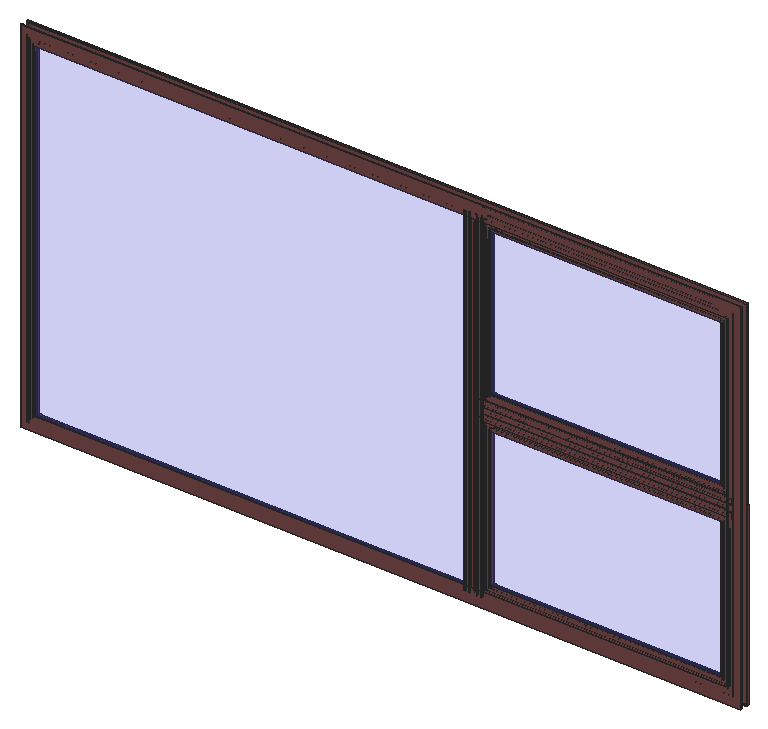
Revit family "PTT, 1812,2112,2412", category Windows, host Wall, Revit 2016
Family settings
  Host = Wall
  OmniClass Number = 23.30.20.00
  OmniClass Title = Windows
  Always vertical = Yes
  Cut with Voids When Loaded = No
  Shared = No
  Room Calculation Point = No
Parameters (values of type "PTT Type- 2412")
  URL = "http://www.robmeg.co.za/"
  Top mullion = 600 mm
  Top hung = yes
  Rough Height = 1219.2 mm
  Plaster = 5 mm
  Model = "PTT 2412"
  Manufacturer = "Robmeg"  # constant formula
  Height = 1210 mm
  Glazing = Glass
  Description = "Anodized Aluminium"
  Default Sill Height = 914.4 mm
  Wall Closure = By host
  Width = 2410 mm
  Centre vert mullion = 910 mm
  Centre fixed glass width = 6 mm
  Bottom fixed glass width = 6 mm
  Author = "Inside"
  Aluminium anodized = Aluminium
Types (4, lengths in mm): name | Model | Width
  (no name) | "PTT 2412" | 2410
  PTT Type- 1812 | "PTT 1812" | 1810
  PTT Type- 2112 | "PTT 2112" | 2110
  PTT Type- 2412 | "PTT 2412" | 2410
Reference planes
  plane 1 "Center (Front/Back)": y = 0
  plane 2: z = 0
  plane 3 "Center (Left/Right)": x = 0
  plane 4 "Left": x = -1205
  plane 5 "Right": x = 1205
  plane 6 "Sill": z = 914.4
  plane 7 "Top": z = 2124.4
  plane 8: x = -1200
  plane 9: z = 2119.4
  plane 10: z = 919.4
  plane 11: x = 1200
  plane 12 "Glass start": y = 1
  plane 13 "Glass end": y = -3
  plane 14: x = 747.5
  plane 15: x = 290
  plane 16: z = 1524.4
Forms (mm)
  Sweep 1, solid, material "Aluminium" <- "Aluminium anodized"
    path origin (0, 0, 0) x (1, 0, 0) y (0, 0, 1)
      loop
        line (1200, 2119.4) -> (-1200, 2119.4) -> (-1200, 919.4) -> (1200, 919.4) -> (1200, 2119.4)
    profile "51741 : 51741" origin (0, 0, 2119.4) x (0, 0, -1) y (0, -1, 0)
      loop
        line (26.815, -14.05) -> (20.535, -14.05) -> (20.535, -10.19) -> (21.815, -10.19) -> (21.815, -7.3) -> (19.535, -7.3) -> (19.535, -14.05) -> (1.135, -14.05) -> (1.135, -10.95)
        arc (1.135, -10.95) -> (0.286, -11.301) -> (-0.065, -12.15) r 1.2
        line (-0.065, -12.15) -> (-0.065, -15.25) -> (30.515, -15.25) -> (30.515, -12.384) -> (28.015, -13.827) -> (28.015, 14.05) -> (29.515, 14.05) -> (29.515, 11.75)
        arc (29.515, 11.75) -> (30.015, 11.25) -> (30.515, 11.75) r 0.5
        line (30.515, 11.75) -> (30.515, 14.05) -> (39.515, 14.05) -> (39.515, 11.65) -> (41.896, 11.65) -> (41.896, 12.85) -> (40.715, 12.85) -> (40.715, 14.05) -> (46.215, 14.05) -> (46.215, 12.85) -> (45.215, 12.85) -> (45.215, 11.65) -> (47.415, 11.65) -> (47.415, 15.25) -> (-0.065, 15.25) -> (-0.065, 12.15)
        arc (-0.065, 12.15) -> (0.334, 11.455) -> (1.135, 11.45) r 0.804
        line (1.135, 11.45) -> (1.135, 14.05) -> (19.535, 14.05) -> (19.535, 7.3) -> (21.815, 7.3) -> (21.815, 10.19) -> (20.535, 10.19) -> (20.535, 14.05) -> (26.815, 14.05) -> (26.815, -14.05)
  Sweep 2, solid, material "Aluminium" <- "Aluminium anodized"
    path origin (0, 0, 0) x (1, 0, 0) y (0, 0, 1)
      loop
        line (1200, 1524.4) -> (290, 1524.4) -> (290, 919.335) -> (1200, 919.335) -> (1200, 1524.4)
    profile "H10197 : H10197" origin (745, 0, 1524.4) x (0, 0, -1) y (0, -1, 0)
      loop
        line (43.095, 8.408) -> (43.095, -19.692) -> (49.375, -19.692) -> (49.375, -14.812)
        arc (49.375, -14.812) -> (48.125, -13.562) -> (49.375, -12.312) r 1.25
        line (49.375, -12.312) -> (49.375, 1.008)
        arc (49.375, 1.008) -> (48.125, 2.258) -> (49.375, 3.508) r 1.25
        line (49.375, 3.508) -> (49.375, 8.408) -> (43.095, 8.408)
      loop
        line (41.895, 8.128) -> (41.895, -5.218) -> (41.895, -19.692) -> (40.495, -19.692) -> (40.495, -17.512)
        arc (40.495, -17.512) -> (39.995, -17.012) -> (39.495, -17.512) r 0.5
        line (39.495, -17.512) -> (39.495, -19.692) -> (30.495, -19.692) -> (30.495, -17.492) -> (28.345, -17.492)
        arc (28.345, -17.492) -> (27.845, -17.992) -> (28.345, -18.492) r 0.5
        line (28.345, -18.492) -> (29.295, -18.492) -> (29.295, -19.692) -> (23.795, -19.692) -> (23.795, -18.378) -> (24.706, -18.378)
        arc (24.706, -18.378) -> (25.206, -17.878) -> (24.706, -17.378) r 0.5
        line (24.706, -17.378) -> (23.784, -17.378)
        arc (23.784, -17.378) -> (23.137, -16.895) -> (22.595, -17.493) r 0.6
        line (22.595, -17.493) -> (22.595, -20.892) -> (53.175, -20.892) -> (53.175, -18.892)
        arc (53.175, -18.892) -> (51.875, -18.322) -> (50.575, -18.892) r 1.767
        line (50.575, -18.892) -> (50.575, -6.066) -> (50.575, 7.908)
        arc (50.575, 7.908) -> (51.375, 8.708) -> (52.175, 7.908) r 0.8
        line (52.175, 7.908) -> (52.175, 6.228)
        arc (52.175, 6.228) -> (52.675, 5.728) -> (53.175, 6.228) r 0.5
        line (53.175, 6.228) -> (53.175, 8.408) -> (62.175, 8.408) -> (62.175, 6.208) -> (64.325, 6.208)
        arc (64.325, 6.208) -> (64.825, 6.708) -> (64.325, 7.208) r 0.5
        line (64.325, 7.208) -> (63.375, 7.208) -> (63.375, 8.408) -> (68.875, 8.408) -> (68.875, 7.208) -> (67.925, 7.208)
        arc (67.925, 7.208) -> (67.425, 6.708) -> (67.925, 6.208) r 0.5
        line (67.925, 6.208) -> (68.875, 6.208)
        arc (68.875, 6.208) -> (69.474, 5.608) -> (70.075, 6.207) r 0.6
        line (70.075, 6.207) -> (70.075, 9.608) -> (39.495, 9.608) -> (39.495, 6.742) -> (41.895, 8.128)
  Sweep 3, solid, material "Aluminium" <- "Aluminium anodized"
    path origin (0, 0, 0) x (1, 0, 0) y (0, 0, 1)
      loop
        line (290, 1524.4) -> (290, 919.335) -> (1200, 919.335) -> (1200, 1524.4) -> (290, 1524.4)
    profile "glazing gasket : glazing gasket" origin (290, 0, 1221.867) x (1, 0, 0) y (0, -1, 0)
      loop
        line (53.254, -17.23) -> (53.254, -20.244) -> (69.855, -5.509)
        arc (69.855, -5.509) -> (69.76, -4.756) -> (69.092, -5.117) r 0.46
        line (69.092, -5.117) -> (67.564, -6.473) -> (66.198, -4.108) -> (65.274, -4.108) -> (66.736, -6.639) -> (61.74, -6.639) -> (63.22, -4.077) -> (51.988, -4.077) -> (51.988, 8.186) -> (51.188, 8.186) -> (51.188, -4.877) -> (61.834, -4.877) -> (60.355, -7.439) -> (66.475, -7.439) -> (54.054, -18.464) -> (54.054, -15.845) -> (50.954, -17.634) -> (50.954, -18.558) -> (53.254, -17.23)
  Extrusion 4, solid, material "Glass" <- "Glazing"
    sketch origin (0, 0, 914.4) x (0, -1, 0) y (1, 0, 0)
      loop
        line (-1, 344.054) -> (3, 344.054) -> (3, 1145.946) -> (-1, 1145.946) -> (-1, 344.054)
    from 58.988 to 555.946
  Sweep 5, solid, material "Aluminium" <- "Aluminium anodized"
    path origin (0, 0, 0) x (1, 0, 0) y (0, 0, 1)
      loop
        line (290, 949.915) -> (290, 2088.885)
    profile "H10196 : H10196" origin (290, 0, 1519.4) x (-1, 0, 0) y (0, -1, 0)
      loop
        line (-26.642, -14.247) -> (-6.442, -14.247) -> (-6.442, -4.217)
        arc (-6.442, -4.217) -> (-6.571, -3.479) -> (-7.319, -3.432) r 0.606
        arc (-7.319, -3.432) -> (-9.371, -3.891) -> (-11.294, -3.04) r 3.36
        arc (-11.294, -3.04) -> (-11.351, -1.925) -> (-10.235, -1.868) r 0.79
        arc (-10.235, -1.868) -> (-7.262, -0.547) -> (-10.235, 0.774) r 1.78
        arc (-10.235, 0.774) -> (-11.351, 0.83) -> (-11.294, 1.946) r 0.79
        arc (-11.294, 1.946) -> (-9.49, 2.783) -> (-7.529, 2.453) r 3.36
        arc (-7.529, 2.453) -> (-6.798, 2.484) -> (-6.442, 3.123) r 0.75
        line (-6.442, 3.123) -> (-6.442, 9.653) -> (-26.642, 9.653) -> (-26.642, 3.123)
        arc (-26.642, 3.123) -> (-26.285, 2.484) -> (-25.554, 2.453) r 0.75
        arc (-25.554, 2.453) -> (-23.593, 2.783) -> (-21.789, 1.946) r 3.36
        arc (-21.789, 1.946) -> (-21.733, 0.83) -> (-22.848, 0.774) r 0.79
        arc (-22.848, 0.774) -> (-25.822, -0.547) -> (-22.848, -1.868) r 1.78
        arc (-22.848, -1.868) -> (-21.733, -1.925) -> (-21.789, -3.04) r 0.79
        arc (-21.789, -3.04) -> (-23.593, -3.877) -> (-25.554, -3.548) r 3.36
        arc (-25.554, -3.548) -> (-26.285, -3.579) -> (-26.642, -4.217) r 0.75
        line (-26.642, -4.217) -> (-26.642, -14.247)
      loop
        line (-30.542, -15.547) -> (-2.542, -15.547) -> (-2.542, -12.681) -> (-5.142, -14.182) -> (-5.142, -2.597) -> (-5.942, -1.797) -> (-5.942, 0.903) -> (-5.142, 1.503) -> (-5.142, 13.153)
        arc (-5.142, 13.153) -> (-4.342, 13.653) -> (-3.542, 13.153) r 0.89
        line (-3.542, 13.153) -> (-3.542, 11.653)
        arc (-3.542, 11.653) -> (-3.042, 11.153) -> (-2.542, 11.653) r 0.5
        line (-2.542, 11.653) -> (-2.542, 13.653) -> (6.258, 13.653) -> (6.258, 11.604) -> (8.477, 11.604)
        arc (8.477, 11.604) -> (8.933, 12.012) -> (8.508, 12.453) r 0.425
        line (8.508, 12.453) -> (7.558, 12.453) -> (7.558, 13.653) -> (13.058, 13.653) -> (13.058, 12.453) -> (12.108, 12.453)
        arc (12.108, 12.453) -> (11.683, 12.028) -> (12.108, 11.603) r 0.425
        line (12.108, 11.603) -> (13.058, 11.603)
        arc (13.058, 11.603) -> (13.708, 10.953) -> (14.358, 11.603) r 0.65
        line (14.358, 11.603) -> (14.358, 14.953) -> (-6.442, 14.953) -> (-6.442, 10.953) -> (-26.642, 10.953) -> (-26.642, 14.953) -> (-47.442, 14.953) -> (-47.442, 11.603)
        arc (-47.442, 11.603) -> (-46.792, 10.953) -> (-46.142, 11.603) r 0.65
        line (-46.142, 11.603) -> (-45.192, 11.603)
        arc (-45.192, 11.603) -> (-44.767, 12.028) -> (-45.192, 12.453) r 0.425
        line (-45.192, 12.453) -> (-46.142, 12.453) -> (-46.142, 13.653) -> (-40.642, 13.653) -> (-40.642, 12.453) -> (-41.592, 12.453)
        arc (-41.592, 12.453) -> (-42.016, 12.012) -> (-41.56, 11.604) r 0.425
        line (-41.56, 11.604) -> (-39.342, 11.604) -> (-39.342, 13.653) -> (-30.542, 13.653) -> (-30.542, 11.653)
        arc (-30.542, 11.653) -> (-30.042, 11.153) -> (-29.542, 11.653) r 0.5
        line (-29.542, 11.653) -> (-29.542, 13.153)
        arc (-29.542, 13.153) -> (-28.742, 13.653) -> (-27.942, 13.153) r 0.89
        line (-27.942, 13.153) -> (-27.942, 1.503) -> (-27.142, 0.903) -> (-27.142, -1.997) -> (-27.942, -2.597) -> (-27.942, -14.182) -> (-30.542, -12.681) -> (-30.542, -15.547)
  Extrusion 6, solid, material "Glass" <- "Glazing"
    sketch origin (-540.855, -3, 1219.2) x (-1, 0, 0) y (0, 0, 1)
      loop
        line (-830.855, 868.528) -> (-830.855, -268.128) -> (627.473, -268.128) -> (627.473, 868.528) -> (-830.855, 868.528)
    from 0 to -6
  Sweep 7, solid, material "Aluminium" <- "Aluminium anodized"
    path origin (0, 0, 0) x (1, 0, 0) y (0, 0, 1)
      loop
        line (-1160.485, 2079.885) -> (-1160.485, 958.915) -> (283.742, 958.915) -> (283.742, 2079.885) -> (-1160.485, 2079.885)
    profile "glazing gasket : glazing gasket" origin (-1160.485, 0, 1519.4) x (1, 0, 0) y (0, -1, 0)
      loop
        line (-8.643, -12.444) -> (-8.643, -15.457) -> (7.958, -0.723)
        arc (7.958, -0.723) -> (7.863, 0.031) -> (7.195, -0.33) r 0.46
        line (7.195, -0.33) -> (5.667, -1.687) -> (4.302, 0.679) -> (3.378, 0.679) -> (4.839, -1.853) -> (-0.156, -1.853) -> (1.323, 0.71) -> (-9.908, 0.71) -> (-9.908, 12.973) -> (-10.708, 12.973) -> (-10.708, -0.09) -> (-0.062, -0.09) -> (-1.542, -2.653) -> (4.579, -2.653) -> (-7.843, -13.678) -> (-7.843, -11.058) -> (-10.943, -12.848) -> (-10.943, -13.771) -> (-8.643, -12.444)
  Sweep 8, solid, material "Aluminium" <- "Aluminium anodized"
    path origin (0, 0, 0) x (1, 0, 0) y (0, 0, 1)
      loop
        line (1169.485, 1524.4) -> (320.542, 1524.4)
    profile "H10196 : H10196" origin (745.013, 0, 1524.4) x (0, 0, -1) y (0, -1, 0)
      loop
        line (6.668, -15.228) -> (26.868, -15.228) -> (26.868, -5.198)
        arc (26.868, -5.198) -> (26.738, -4.46) -> (25.99, -4.413) r 0.606
        arc (25.99, -4.413) -> (23.938, -4.872) -> (22.015, -4.021) r 3.36
        arc (22.015, -4.021) -> (21.959, -2.905) -> (23.074, -2.849) r 0.79
        arc (23.074, -2.849) -> (26.048, -1.528) -> (23.074, -0.207) r 1.78
        arc (23.074, -0.207) -> (21.959, -0.151) -> (22.015, 0.965) r 0.79
        arc (22.015, 0.965) -> (23.819, 1.802) -> (25.78, 1.472) r 3.36
        arc (25.78, 1.472) -> (26.511, 1.504) -> (26.868, 2.142) r 0.75
        line (26.868, 2.142) -> (26.868, 8.672) -> (6.668, 8.672) -> (6.668, 2.142)
        arc (6.668, 2.142) -> (7.024, 1.504) -> (7.755, 1.472) r 0.75
        arc (7.755, 1.472) -> (9.716, 1.802) -> (11.52, 0.965) r 3.36
        arc (11.52, 0.965) -> (11.577, -0.151) -> (10.461, -0.207) r 0.79
        arc (10.461, -0.207) -> (7.488, -1.528) -> (10.461, -2.849) r 1.78
        arc (10.461, -2.849) -> (11.577, -2.905) -> (11.52, -4.021) r 0.79
        arc (11.52, -4.021) -> (9.716, -4.858) -> (7.755, -4.528) r 3.36
        arc (7.755, -4.528) -> (7.024, -4.559) -> (6.668, -5.198) r 0.75
        line (6.668, -5.198) -> (6.668, -15.228)
      loop
        line (2.768, -16.528) -> (30.768, -16.528) -> (30.768, -13.662) -> (28.168, -15.163) -> (28.168, -3.578) -> (27.368, -2.778) -> (27.368, -0.078) -> (28.168, 0.522) -> (28.168, 12.172)
        arc (28.168, 12.172) -> (28.968, 12.672) -> (29.768, 12.172) r 0.89
        line (29.768, 12.172) -> (29.768, 10.672)
        arc (29.768, 10.672) -> (30.268, 10.172) -> (30.768, 10.672) r 0.5
        line (30.768, 10.672) -> (30.768, 12.672) -> (39.568, 12.672) -> (39.568, 10.623) -> (41.786, 10.623)
        arc (41.786, 10.623) -> (42.242, 11.031) -> (41.818, 11.472) r 0.425
        line (41.818, 11.472) -> (40.868, 11.472) -> (40.868, 12.672) -> (46.368, 12.672) -> (46.368, 11.472) -> (45.418, 11.472)
        arc (45.418, 11.472) -> (44.993, 11.047) -> (45.418, 10.622) r 0.425
        line (45.418, 10.622) -> (46.368, 10.622)
        arc (46.368, 10.622) -> (47.018, 9.972) -> (47.668, 10.622) r 0.65
        line (47.668, 10.622) -> (47.668, 13.972) -> (26.868, 13.972) -> (26.868, 9.972) -> (6.668, 9.972) -> (6.668, 13.972) -> (-14.132, 13.972) -> (-14.132, 10.622)
        arc (-14.132, 10.622) -> (-13.482, 9.972) -> (-12.832, 10.622) r 0.65
        line (-12.832, 10.622) -> (-11.882, 10.622)
        arc (-11.882, 10.622) -> (-11.457, 11.047) -> (-11.882, 11.472) r 0.425
        line (-11.882, 11.472) -> (-12.832, 11.472) -> (-12.832, 12.672) -> (-7.332, 12.672) -> (-7.332, 11.472) -> (-8.282, 11.472)
        arc (-8.282, 11.472) -> (-8.707, 11.031) -> (-8.251, 10.623) r 0.425
        line (-8.251, 10.623) -> (-6.032, 10.623) -> (-6.032, 12.672) -> (2.768, 12.672) -> (2.768, 10.672)
        arc (2.768, 10.672) -> (3.268, 10.172) -> (3.768, 10.672) r 0.5
        line (3.768, 10.672) -> (3.768, 12.172)
        arc (3.768, 12.172) -> (4.568, 12.672) -> (5.368, 12.172) r 0.89
        line (5.368, 12.172) -> (5.368, 0.522) -> (6.168, -0.078) -> (6.168, -2.978) -> (5.368, -3.578) -> (5.368, -15.163) -> (2.768, -13.662) -> (2.768, -16.528)
  Sweep 9, solid, material "Aluminium" <- "Aluminium anodized"
    path origin (0, 0, 0) x (1, 0, 0) y (0, 0, 1)
      loop
        line (1160.485, 1530.432) -> (1160.485, 2079.885) -> (329.342, 2079.885) -> (329.342, 1530.432) -> (1160.485, 1530.432)
    profile "H10197 : H10197" origin (744.913, 0, 1530.432) x (0, 0, -1) y (0, -1, 0)
      loop
        line (-10.347, -19.548) -> (-4.067, -19.548) -> (-4.067, -14.648)
        arc (-4.067, -14.648) -> (-5.317, -13.398) -> (-4.067, -12.148) r 1.25
        line (-4.067, -12.148) -> (-4.067, 1.172)
        arc (-4.067, 1.172) -> (-5.317, 2.422) -> (-4.067, 3.672) r 1.25
        line (-4.067, 3.672) -> (-4.067, 8.552) -> (-10.347, 8.552) -> (-10.347, -19.548)
      loop
        line (-11.547, -19.268) -> (-13.947, -17.882) -> (-13.947, -20.748) -> (16.633, -20.748) -> (16.633, -17.347)
        arc (16.633, -17.347) -> (16.033, -16.748) -> (15.433, -17.348) r 0.6
        line (15.433, -17.348) -> (14.483, -17.348)
        arc (14.483, -17.348) -> (13.983, -17.848) -> (14.483, -18.348) r 0.5
        line (14.483, -18.348) -> (15.433, -18.348) -> (15.433, -19.548) -> (9.933, -19.548) -> (9.933, -18.348) -> (10.883, -18.348)
        arc (10.883, -18.348) -> (11.383, -17.848) -> (10.883, -17.348) r 0.5
        line (10.883, -17.348) -> (8.733, -17.348) -> (8.733, -19.548) -> (-0.267, -19.548) -> (-0.267, -17.368)
        arc (-0.267, -17.368) -> (-0.767, -16.868) -> (-1.267, -17.368) r 0.5
        line (-1.267, -17.368) -> (-1.267, -19.048)
        arc (-1.267, -19.048) -> (-2.067, -19.848) -> (-2.867, -19.048) r 0.8
        line (-2.867, -19.048) -> (-2.867, -5.074) -> (-2.867, 7.752)
        arc (-2.867, 7.752) -> (-1.567, 7.182) -> (-0.267, 7.752) r 1.767
        line (-0.267, 7.752) -> (-0.267, 9.752) -> (-30.847, 9.752) -> (-30.847, 6.353)
        arc (-30.847, 6.353) -> (-30.305, 5.755) -> (-29.658, 6.238) r 0.6
        line (-29.658, 6.238) -> (-28.736, 6.238)
        arc (-28.736, 6.238) -> (-28.236, 6.738) -> (-28.736, 7.238) r 0.5
        line (-28.736, 7.238) -> (-29.647, 7.238) -> (-29.647, 8.552) -> (-24.147, 8.552) -> (-24.147, 7.352) -> (-25.097, 7.352)
        arc (-25.097, 7.352) -> (-25.597, 6.852) -> (-25.097, 6.352) r 0.5
        line (-25.097, 6.352) -> (-22.947, 6.352) -> (-22.947, 8.552) -> (-13.947, 8.552) -> (-13.947, 6.372)
        arc (-13.947, 6.372) -> (-13.447, 5.872) -> (-12.947, 6.372) r 0.5
        line (-12.947, 6.372) -> (-12.947, 8.552) -> (-11.547, 8.552) -> (-11.547, -5.923) -> (-11.547, -19.268)
  Sweep 10, solid, material "Aluminium" <- "Aluminium anodized"
    path origin (0, 0, 0) x (1, 0, 0) y (0, 0, 1)
      loop
        line (343.289, 2065.938) -> (343.289, 1544.394) -> (1146.524, 1544.394) -> (1146.524, 2065.938) -> (343.289, 2065.938)
    profile "glazing gasket : glazing gasket" origin (744.906, 0, 2065.938) x (0, 0, 1) y (0, -1, 0)
      loop
        line (-0.131, -17.618) -> (2.169, -18.946) -> (2.169, -18.022) -> (-0.931, -16.232) -> (-0.931, -18.852) -> (-13.352, -7.827) -> (-7.232, -7.827) -> (-8.711, -5.264) -> (1.935, -5.264) -> (1.935, 7.798) -> (1.135, 7.798) -> (1.135, -4.464) -> (-10.097, -4.464) -> (-8.617, -7.027) -> (-13.613, -7.027) -> (-12.151, -4.496) -> (-13.075, -4.496) -> (-14.441, -6.861) -> (-15.969, -5.505)
        arc (-15.969, -5.505) -> (-16.637, -5.144) -> (-16.732, -5.897) r 0.46
        line (-16.732, -5.897) -> (-0.131, -20.632) -> (-0.131, -17.618)
  Extrusion 11, solid, material "Glass" <- "Glazing"
    sketch origin (-540.855, 1, 1219.2) x (-1, 0, 0) y (0, 0, 1)
      loop
        line (-885.074, 845.808) -> (-1686.448, 845.808) -> (-1686.448, 326.124) -> (-885.074, 326.124) -> (-885.074, 845.808)
    from 0 to -4
Lines and regions (mm)
  Opening 1
    outline origin (-1524, -76.2, 0) x (1, 0, 0) y (0, 0, 1)
      loop
        line (319, 2124.4) -> (319, 914.4) -> (2729, 914.4) -> (2729, 2124.4) -> (319, 2124.4)
  symbolic lines, style "Elevation Swing", visible <- "Top hung"
    curve 1: line (1177.426, 0, 2096.826) -> (744.913, 0, 1513.799)
    curve 2: line (744.913, 0, 1513.799) -> (312.574, 0, 2096.826)
    curve 3: line (1177.426, 0, 1501.826) -> (745, 0, 941.93)
    curve 4: line (745, 0, 941.93) -> (312.595, 0, 1501.805)
Text (mm)
  text "EXTERIOR" at (-1490.695, 1293.036, 0), in view "Ref. Level"
  text "INTERIOR" at (-1490.695, -959.266, 0), in view "Ref. Level"
  text "Exterior" at (0, 1108.87, 3129.179), in view "Left"
  text "Exterior" at (0, 464.664, 3176.206), in view "Right"
Dimensions and locks
  equal spacing: plane 4 "Left", plane 3 "Center (Left/Right)", plane 5 "Right"
  "Width": plane 4 "Left" to plane 5 "Right"
  "Height": plane 6 "Sill" to plane 7 "Top"
  "Default Sill Height": plane 2 to plane 6 "Sill"
  "Plaster": plane 9 to plane 7 "Top"
  "Plaster": plane 6 "Sill" to plane 10
  "Plaster": plane 11 to plane 5 "Right"
  "Plaster": plane 4 "Left" to plane 8
  "Centre vert mullion": plane 15 to plane 11
  equal spacing: plane 15, plane 14, plane 5 "Right"
  "Centre fixed glass width": Extrusion 6 to Extrusion 6
  "Top mullion": plane 16 to plane 7 "Top"
  aligned and locked: plane 7 "Top" to Opening 1 sketch curve
  aligned and locked: plane 6 "Sill" to Opening 1 sketch curve  (x2)
  aligned and locked: plane 5 "Right" to Opening 1 sketch curve
  aligned and locked: plane 4 "Left" to Opening 1 sketch curve
  aligned and locked: level to plane 2
  aligned and locked: Sweep 1 sketch curve to plane 9
  aligned and locked: plane 11 to Sweep 1 sketch curve
  aligned and locked: Sweep 1 sketch curve to plane 10
  aligned and locked: plane 8 to Sweep 1 sketch curve
  aligned and locked: plane 11 to Sweep 2 sketch curve
  aligned and locked: plane 11 to Sweep 3 sketch curve
  aligned and locked: plane 12 "Glass start" to Extrusion 4 sketch curve
  aligned and locked: Extrusion 4 sketch curve to plane 13 "Glass end"
  aligned and locked: Sweep 3 to Extrusion 4 sketch curve
  aligned and locked: Extrusion 4 sketch curve to Sweep 3
  aligned and locked: Extrusion 4 to Sweep 3
  aligned and locked: Sweep 3 to Extrusion 4
  aligned and locked: Sweep 1 to Sweep 5 sketch curve  (x2)
  aligned and locked: Sweep 5 sketch curve to plane 15
  aligned and locked: Sweep 2 sketch curve to plane 15
  aligned and locked: plane 15 to Sweep 3 sketch curve
  aligned and locked: Extrusion 6 to plane 15
  aligned and locked: Sweep 1 to Sweep 7 sketch curve  (x2)
  aligned and locked: Sweep 5 to Sweep 7 sketch curve
  aligned and locked: Sweep 7 to Extrusion 6  (x2)
  aligned and locked: Extrusion 6 to Sweep 7
  aligned and locked: plane 16 to Sweep 2 sketch curve
  aligned and locked: plane 16 to Sweep 3 sketch curve
  aligned and locked: plane 16 to Sweep 8 sketch curve
  aligned and locked: Sweep 5 to Sweep 8 sketch curve
  aligned and locked: Sweep 1 to Sweep 8 sketch curve
  aligned and locked: Sweep 9 sketch curve to Sweep 8
  aligned and locked: Sweep 9 sketch curve to Sweep 1  (x2)
  aligned and locked: Sweep 5 to Sweep 9 sketch curve
  aligned and locked: Sweep 10 sketch curve to Sweep 9  (x3)
  aligned and locked: Sweep 9 to Sweep 10 sketch curve
  aligned and locked: plane 12 "Glass start" to Extrusion 11
  aligned and locked: Extrusion 11 to plane 13 "Glass end"
  aligned and locked: Sweep 10 to Extrusion 11
  aligned and locked: Extrusion 11 to Sweep 10  (x3)
  aligned and locked: Sweep 1 to Sweep 2 sketch curve
  aligned and locked: Sweep 1 to Sweep 3 sketch curve
  aligned and locked: Sweep 7 sketch curve to Sweep 1
Automatic sketch dimensions
  plane 15 to Extrusion 6 sketch curve = 0 mm
  plane 10 to Extrusion 6 sketch curve = 31.672 mm
  Extrusion 6 sketch curve to plane 9 = 31.672 mm
  Sweep 2 sketch curve to plane 15 = 0 mm
  plane 11 to Extrusion 11 sketch curve = 54.407 mm
  plane 16 to Extrusion 11 sketch curve = 20.924 mm
  Extrusion 11 sketch curve to plane 15 = 54.219 mm
  Extrusion 11 sketch curve to plane 9 = 54.392 mm
  plane 14 to curve 1 = 2.587 mm
  plane 14 to curve 3 = 2.5 mm
  plane 10 to curve 4 = 22.53 mm
  curve 2 to plane 16 = 10.601 mm
  curve 2 to plane 15 = 22.574 mm
  curve 4 to plane 15 = 22.595 mm
  plane 11 to curve 3 = 22.574 mm
  plane 11 to curve 1 = 22.574 mm
  curve 4 to plane 16 = 22.595 mm
  curve 3 to plane 16 = 22.574 mm
  curve 1 to plane 9 = 22.574 mm
  curve 2 to plane 9 = 22.574 mm
  Extrusion 6 sketch curve to plane 8 = 31.672 mm
